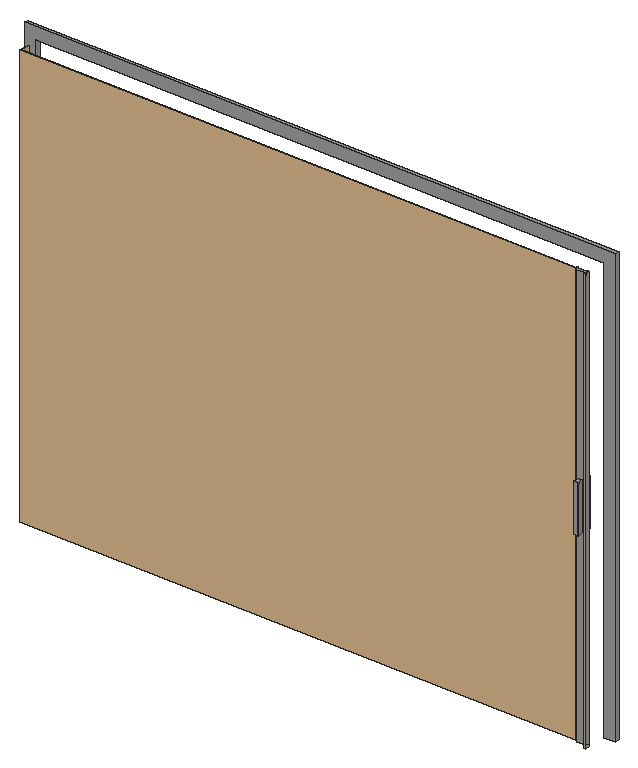
Revit family "Woodfold-Accordion-Door-Family-Series-240", category Doors, host Wall, Revit 2026 (continued)
Definition of nested family "Detail - Panel Section - Recessed Track"
  Lines and regions (in)
    detail lines, in view "Ref. Level", not visible
      curve 67: arc (0.29989, -1.44643, 0) -> (0.35989, -1.38643, 0) -> (0.29989, -1.32643, 0) r 0.06
      curve 68: arc (0.29989, -1.32643, 0) -> (0.23989, -1.38643, 0) -> (0.29989, -1.44643, 0) r 0.06
      curve 69: arc (0, 2.199, 0) -> (-0.03522, 2.28802, 0) -> (0, 2.37703, 0) r 0.13011
      curve 70: line (0.02108, 2.21839, 0) -> (0.02108, 2.35623, 0)
      curve 71: line (0.41983, 2.22816, 0) -> (0.02108, 2.22816, 0)
      curve 72: arc (8.68994, -2.199, 0) -> (8.72516, -2.28802, 0) -> (8.68994, -2.37703, 0) r 0.13011
      curve 73: line (8.66886, -2.21839, 0) -> (8.66886, -2.35623, 0)
      curve 74: line (8.66886, -2.28816, 0) -> (8.35131, -2.28816, 0)
      curve 75: arc (8.38987, -2.22839, 0) -> (8.33183, -2.29205, 0) -> (8.26998, -2.23208, 0) r 0.06
      curve 76: line (8.62994, -2.25816, 0) -> (8.38402, -2.25816, 0)
      curve 77: line (8.38987, -2.22839, 0) -> (8.66886, -2.22816, 0)
      curve 78: line (8.39005, -2.17209, 0) -> (8.39005, -2.22839, 0)
      curve 79: line (8.68994, -2.17209, 0) -> (8.39005, -2.17209, 0)
      curve 80: line (8.68994, -2.40479, 0) -> (8.68994, 2.40479, 0)
      curve 81: arc (8.26994, -1.14495, 0) -> (8.29241, -1.18941, 0) -> (8.26994, -1.23387, 0) r 0.05523
      curve 82: arc (8.26994, -0.39495, 0) -> (8.29241, -0.43941, 0) -> (8.26994, -0.48387, 0) r 0.05523
      curve 83: arc (8.26994, 0.47505, 0) -> (8.29241, 0.43059, 0) -> (8.26994, 0.38613, 0) r 0.05523
      curve 84: arc (8.26994, 1.22505, 0) -> (8.29241, 1.18059, 0) -> (8.26994, 1.13613, 0) r 0.05523
      curve 85: arc (8.26994, 2.11176, 0) -> (8.28459, 2.14712, 0) -> (8.31994, 2.16176, 0) r 0.05
      curve 86: line (8.68994, 2.16176, 0) -> (8.31994, 2.16176, 0)
      curve 87: arc (8.39005, 1.34792, 0) -> (8.33005, 1.40792, 0) -> (8.39005, 1.46792, 0) r 0.06
      curve 88: arc (8.39005, 1.46792, 0) -> (8.45005, 1.40792, 0) -> (8.39005, 1.34792, 0) r 0.06
      curve 89: arc (8.39005, -1.44643, 0) -> (8.33005, -1.38643, 0) -> (8.39005, -1.32643, 0) r 0.06
      curve 90: arc (8.39005, -1.32643, 0) -> (8.45005, -1.38643, 0) -> (8.39005, -1.44643, 0) r 0.06
      curve 91: arc (8.68994, 2.199, 0) -> (8.72516, 2.28802, 0) -> (8.68994, 2.37703, 0) r 0.13011
      curve 92: line (8.66886, 2.21839, 0) -> (8.66886, 2.35623, 0)
      curve 93: line (8.66886, 2.22816, 0) -> (8.26994, 2.22816, 0)
      curve 95: line (9.31494, -2.40479, 0) -> (9.31494, 2.34521, 0)
      curve 97: line (8.26994, -2.23208, 0) -> (8.26994, 2.11176, 0)
      curve 99: line (0.41983, -2.22816, 0) -> (0.41983, 2.11585, 0)
  Dimensions and locks (in)
    "built-in parameter 1001306": plane 3 "Left" to plane 4 "Right"
    locked: plane 5 to plane 4 "Right" at 1.045
    aligned and locked: plane 1 "Center (Front/Back)" to curve 1
    aligned and locked: plane 4 "Right" to curve 1
    aligned and locked: plane 3 "Left" to curve 1
    aligned and locked: curve 94 to plane 4 "Right"
    aligned and locked: Filled region 1 to plane 5
    aligned and locked: curve 24 to curve 25
    aligned and locked: curve 8 to curve 4
    aligned and locked: curve 12 to nested 1
  Automatic sketch dimensions
    plane 1 "Center (Front/Back)" to Filled region 1 sketch curve = 0' - 2.22816"
    Filled region 1 sketch curve to plane 1 "Center (Front/Back)" = 0' - 2.2317"
    plane 3 "Left" to Filled region 1 sketch curve = 3' - 10.955"
    plane 3 "Left" to Filled region 1 sketch curve = 0' - 0.98233"
    curve 38 to curve 39 = 0' - 0"
    curve 40 to curve 39 = 0' - 0"
    curve 38 to curve 37 = 0' - 0"
    curve 49 to curve 40 = 0' - 0"
    curve 37 to curve 37 = 0' - 0.03276"
    curve 49 to curve 41 = 0' - 0"
    curve 37 to curve 31 = 0' - 0.00004"
    curve 41 to curve 41 = 0' - 0.05"
    curve 42 to curve 41 = 0' - 0"
    curve 31 to curve 30 = 0' - 0.02133"
    curve 30 to curve 32 = 0' - 0.0327"
    curve 32 to curve 33 = 0' - 0.00585"
    curve 37 to curve 46 = 0' - 0.12011"
    curve 40 to curve 43 = 0' - 0.12011"
    curve 31 to curve 35 = 0' - 0.00018"
    curve 42 to curve 47 = 0' - 0.27511"
    curve 32 to curve 28 = 0' - 0.21103"
    curve 28 to curve 32 = 0' - 0.03489"
    curve 47 to curve 48 = 0' - 0.07381"
    curve 32 to curve 29 = 0' - 0.03892"
    curve 29 to curve 28 = 0' - 0.02108"
    curve 47 to curve 94 = 0' - 0 5/8"
    curve 36 to curve 94 = 0' - 0"
    curve 36 to curve 28 = 0' - 0.02776"
    curve 28 to curve 29 = 0' - 0.0208"
    curve 29 to curve 30 = 0' - 0.06807"
    curve 30 to curve 28 = 0' - 0.00014"
    curve 30 to curve 32 = 0' - 0.03"
    curve 31 to curve 34 = 0' - 0"
    curve 33 to curve 29 = 0' - 0.00977"
    curve 34 to curve 34 = 0' - 0.0563"
    curve 34 to curve 46 = 0' - 0.72566"
    curve 45 to curve 45 = 0' - 0.06"
    curve 45 to curve 37 = 0' - 0.09256"
    curve 37 to curve 37 = 0' - 0.04446"
    curve 37 to curve 38 = 0' - 0.66108"
    curve 38 to curve 38 = 0' - 0.04446"
    curve 38 to curve 39 = 0' - 0.78108"
    curve 39 to curve 39 = 0' - 0.04446"
    curve 39 to curve 40 = 0' - 0.66108"
    curve 40 to curve 40 = 0' - 0.04446"
    curve 40 to curve 43 = 0' - 0.12287"
    curve 43 to curve 44 = 0' - 0.06"
    curve 43 to curve 41 = 0' - 0.64384"
    curve 41 to curve 42 = 0' - 0"
    curve 42 to curve 47 = 0' - 0.03724"
    curve 47 to curve 48 = 0' - 0.01939"
    curve 42 to curve 49 = 0' - 0 17/256"
    curve 49 to curve 47 = 0' - 0.05986"
    curve 94 to curve 47 = 0' - 0.03183"
    curve 48 to curve 47 = 0' - 0.0208"
    curve 47 to curve 36 = 0' - 0.02776"
    curve 82 to curve 83 = 0' - 0"
    curve 84 to curve 83 = 0' - 0"
    curve 82 to curve 81 = 0' - 0"
    curve 93 to curve 84 = 0' - 0"
    curve 81 to curve 81 = 0' - 0.03276"
    curve 93 to curve 85 = 0' - 0"
    curve 81 to curve 75 = 0' - 0.00004"
    curve 85 to curve 85 = 0' - 0.05"
    curve 86 to curve 85 = 0' - 0"
    curve 75 to curve 74 = 0' - 0.02133"
    curve 74 to curve 76 = 0' - 0.0327"
    curve 76 to curve 77 = 0' - 0.00585"
    curve 81 to curve 90 = 0' - 0.12011"
    curve 84 to curve 87 = 0' - 0.12011"
    curve 75 to curve 79 = 0' - 0.00018"
    curve 86 to curve 91 = 0' - 0.27511"
    curve 76 to curve 72 = 0' - 0.21103"
    curve 72 to curve 76 = 0' - 0.03489"
    curve 91 to curve 92 = 0' - 0.07381"
    curve 76 to curve 73 = 0' - 0.03892"
    curve 73 to curve 72 = 0' - 0.02108"
    curve 91 to curve 95 = 0' - 0 5/8"
    curve 80 to curve 95 = 0' - 0"
    curve 80 to curve 72 = 0' - 0.02776"
    curve 72 to curve 73 = 0' - 0.0208"
    curve 73 to curve 74 = 0' - 0.06807"
    curve 74 to curve 72 = 0' - 0.00014"
    curve 74 to curve 76 = 0' - 0.03"
    curve 75 to curve 78 = 0' - 0"
    curve 77 to curve 73 = 0' - 0.00977"
    curve 78 to curve 78 = 0' - 0.0563"
    curve 78 to curve 90 = 0' - 0.72566"
    curve 89 to curve 89 = 0' - 0.06"
    curve 89 to curve 81 = 0' - 0.09256"
    curve 81 to curve 81 = 0' - 0.04446"
    curve 81 to curve 82 = 0' - 0.66108"
    curve 82 to curve 82 = 0' - 0.04446"
    curve 82 to curve 83 = 0' - 0.78108"
    curve 83 to curve 83 = 0' - 0.04446"
    curve 83 to curve 84 = 0' - 0.66108"
    curve 84 to curve 84 = 0' - 0.04446"
    curve 84 to curve 87 = 0' - 0.12287"
    curve 87 to curve 88 = 0' - 0.06"
    curve 87 to curve 85 = 0' - 0.64384"
    curve 85 to curve 86 = 0' - 0"
    curve 86 to curve 91 = 0' - 0.03724"
    curve 91 to curve 92 = 0' - 0.01939"
    curve 86 to curve 93 = 0' - 0 17/256"
    curve 93 to curve 91 = 0' - 0.05986"
    curve 95 to curve 91 = 0' - 0.03183"
    curve 92 to curve 91 = 0' - 0.0208"
    curve 91 to curve 80 = 0' - 0.02776"
    curve 43 to curve 44 = 0' - 0"  (x2)
    curve 45 to curve 46 = 0' - 0"  (x2)
    curve 96 to curve 31 = 0' - 0"
    curve 96 to curve 41 = 0' - 0"
    curve 87 to curve 88 = 0' - 0"  (x2)
    curve 89 to curve 90 = 0' - 0"  (x2)
    curve 97 to curve 75 = 0' - 0"
    curve 97 to curve 85 = 0' - 0"
    curve 23 to curve 24 = 0' - 0.02108"
    curve 2 to curve 3 = 0' - 0.02108"
    curve 4 to curve 6 = 0' - 0.03892"
    curve 27 to curve 23 = 0' - 0.07381"
    curve 6 to curve 2 = 0' - 0.03489"
    curve 2 to curve 10 = 0' - 0.205"
    curve 18 to curve 19 = 0' - 0.29989"
    curve 10 to curve 22 = 0' - 0"
    curve 10 to curve 5 = 0' - 0.00018"
    curve 5 to curve 6 = 0' - 0.00585"
    curve 6 to curve 4 = 0' - 0.0327"
    curve 4 to curve 5 = 0' - 0.02133"
    curve 23 to curve 18 = 0' - 0.27511"
    curve 17 to curve 18 = 0' - 0"  (x2)
    curve 17 to curve 17 = 0' - 0.04983"
    curve 18 to curve 27 = 0' - 0.04983"
    curve 16 to curve 16 = 0' - 0.03293"
    curve 13 to curve 13 = 0' - 0.03293"
    curve 15 to curve 15 = 0' - 0.03293"
    curve 14 to curve 14 = 0' - 0.03293"
    curve 12 to curve 2 = 0' - 0.02776"
    curve 2 to curve 3 = 0' - 0.0208"
    curve 3 to curve 4 = 0' - 0.06807"
    curve 4 to curve 2 = 0' - 0.00014"
    curve 4 to curve 6 = 0' - 0.03"
    curve 7 to curve 10 = 0' - 0"
    curve 7 to curve 3 = 0' - 0.00977"
    curve 10 to curve 11 = 0' - 0.0563"
    curve 10 to curve 22 = 0' - 0.72566"
    curve 21 to curve 22 = 0' - 0.06"
    curve 21 to curve 13 = 0' - 0.09268"
    curve 13 to curve 13 = 0' - 0.04434"
    curve 13 to curve 14 = 0' - 0.66132"
    curve 14 to curve 14 = 0' - 0.04434"
    curve 14 to curve 15 = 0' - 0.78133"
    curve 15 to curve 15 = 0' - 0.04434"
    curve 15 to curve 16 = 0' - 0.66132"
    curve 16 to curve 16 = 0' - 0.04434"
    curve 16 to curve 19 = 0' - 0.12299"
    curve 19 to curve 20 = 0' - 0.06"
    curve 19 to curve 17 = 0' - 0.64384"
    curve 17 to curve 17 = 0' - 0.00409"
    curve 18 to curve 23 = 0' - 0.03724"
    curve 23 to curve 24 = 0' - 0.01939"
    curve 24 to curve 27 = 0' - 0.00977"
    curve 27 to curve 23 = 0' - 0.05986"
    curve 24 to curve 23 = 0' - 0.0208"
    curve 23 to curve 12 = 0' - 0.02776"
    curve 19 to curve 20 = 0' - 0"  (x2)
    curve 21 to curve 22 = 0' - 0"  (x2)
    curve 69 to curve 70 = 0' - 0.02108"
    curve 50 to curve 51 = 0' - 0.02108"
    curve 52 to curve 54 = 0' - 0.03892"
    curve 71 to curve 69 = 0' - 0.07381"
    curve 54 to curve 50 = 0' - 0.03489"
    curve 50 to curve 56 = 0' - 0.205"
    curve 64 to curve 65 = 0' - 0.29989"
    curve 56 to curve 68 = 0' - 0"
    curve 56 to curve 53 = 0' - 0.00018"
    curve 53 to curve 54 = 0' - 0.00585"
    curve 54 to curve 52 = 0' - 0.0327"
    curve 52 to curve 53 = 0' - 0.02133"
    curve 69 to curve 64 = 0' - 0.27511"
    curve 63 to curve 64 = 0' - 0"  (x2)
    curve 63 to curve 63 = 0' - 0.04983"
    curve 64 to curve 71 = 0' - 0.04983"
    curve 62 to curve 62 = 0' - 0.03293"
    curve 59 to curve 59 = 0' - 0.03293"
    curve 61 to curve 61 = 0' - 0.03293"
    curve 60 to curve 60 = 0' - 0.03293"
    curve 58 to curve 50 = 0' - 0.02776"
    curve 50 to curve 51 = 0' - 0.0208"
    curve 51 to curve 52 = 0' - 0.06807"
    curve 52 to curve 50 = 0' - 0.00014"
    curve 52 to curve 54 = 0' - 0.03"
    curve 55 to curve 56 = 0' - 0"
    curve 55 to curve 51 = 0' - 0.00977"
    curve 56 to curve 57 = 0' - 0.0563"
    curve 56 to curve 68 = 0' - 0.72566"
    curve 67 to curve 68 = 0' - 0.06"
    curve 67 to curve 59 = 0' - 0.09268"
    curve 59 to curve 59 = 0' - 0.04434"
    curve 59 to curve 60 = 0' - 0.66132"
    curve 60 to curve 60 = 0' - 0.04434"
    curve 60 to curve 61 = 0' - 0.78133"
    curve 61 to curve 61 = 0' - 0.04434"
    curve 61 to curve 62 = 0' - 0.66132"
    curve 62 to curve 62 = 0' - 0.04434"
    curve 62 to curve 65 = 0' - 0.12299"
    curve 65 to curve 66 = 0' - 0.06"
    curve 65 to curve 63 = 0' - 0.64384"
    curve 63 to curve 63 = 0' - 0.00409"
    curve 64 to curve 69 = 0' - 0.03724"
    curve 69 to curve 70 = 0' - 0.01939"
    curve 70 to curve 71 = 0' - 0.00977"
    curve 71 to curve 69 = 0' - 0.05986"
    curve 70 to curve 69 = 0' - 0.0208"
    curve 69 to curve 58 = 0' - 0.02776"
    curve 65 to curve 66 = 0' - 0"  (x2)
    curve 67 to curve 68 = 0' - 0"  (x2)
    curve 25 to curve 26 = 0' - 0.04008"
    plane 3 "Left" to curve 8 = 0' - 0.94379"
    curve 8 to curve 9 = 0' - 0.0327"
    curve 9 to plane 5 = 0' - 0.00601"
    curve 8 to plane 5 = 0' - 0.03871"
    curve 26 to plane 5 = 0' - 0.36858"
    curve 26 to curve 25 = 0' - 0.03034"
    curve 8 to curve 9 = 0' - 0.03"
    curve 26 to plane 1 "Center (Front/Back)" = 0' - 2.26161"
    curve 26 to curve 25 = 0' - 0.03"
  Nested families (in)
    nested 1: "Detail Recessed Track" at (-0.75, 0, 0) x (-1, 0, 0) z (0, 0, 1), type "Detail Track", in view "Ref. Level"
  Definition of nested family "Detail Recessed Track"
    Parameters
      Assembly Code = ""
    Reference planes (in)
      plane 1 "Center (Front/Back)": y = 0
      plane 2: z = 0
      plane 3 "Center (Left/Right)": x = 0
    Lines and regions (in)
      detail lines, in view "Ref. Level"
        curve 1: line (-0.9375, 0.5625, 0) -> (-0.125, 0.5625, 0)
        curve 2: line (-0.125, -0.5625, 0) -> (-0.9375, -0.5625, 0)
        curve 3: line (-0.125, 0.5625, 0) -> (-0.125, -0.5625, 0)
        curve 4: line (-1.0625, -0.4375, 0) -> (-1.0625, -0.3125, 0)
        curve 5: line (-1.3125, -0.15789, 0) -> (-1.3125, 0.15789, 0)
        curve 6: line (-1.3125, 0.15789, 0) -> (-0.8125, 0.15789, 0)
        curve 7: line (-1.3125, -0.15789, 0) -> (-0.8125, -0.15789, 0)
        curve 8: line (-1.0625, -0.4375, 0) -> (-0.9375, -0.5625, 0)
        curve 9: line (-1.0625, -0.3125, 0) -> (-0.90789, -0.15789, 0)
        curve 10: line (-1.0625, 0.4375, 0) -> (-1.0625, 0.3125, 0)
        curve 11: line (-1.0625, 0.4375, 0) -> (-0.9375, 0.5625, 0)
        curve 12: line (-1.0625, 0.3125, 0) -> (-0.90789, 0.15789, 0)
        curve 13: line (-0.88572, 0.4375, 0) -> (-0.25, 0.4375, 0)
        curve 14: line (-0.25, 0.4375, 0) -> (-0.25, -0.4375, 0)
        curve 15: line (-0.25, -0.4375, 0) -> (-0.88572, -0.4375, 0)
        curve 16: line (-0.9375, -0.38572, 0) -> (-0.88572, -0.4375, 0)
        curve 17: line (-0.9375, -0.38572, 0) -> (-0.9375, -0.36428, 0)
        curve 18: line (-0.9375, -0.36428, 0) -> (-0.81951, -0.24628, 0)
        curve 19: line (-0.9375, 0.36428, 0) -> (-0.81951, 0.24628, 0)
        curve 20: line (-0.9375, 0.38572, 0) -> (-0.9375, 0.36428, 0)
        curve 21: line (-0.9375, 0.38572, 0) -> (-0.88572, 0.4375, 0)
        curve 22: line (-0.81951, -0.24628, 0) -> (-0.90789, -0.15789, 0)
        curve 23: line (-0.90789, 0.15789, 0) -> (-0.81951, 0.24628, 0)
        curve 24: line (-0.8125, -0.3125, 0) -> (-0.8125, 0.3125, 0)
        curve 25: arc (-0.33779, 0.4375, 0) -> (-0.27529, 0.375, 0) -> (-0.33779, 0.3125, 0) r 0.0625
        curve 26: line (-0.33779, 0.3125, 0) -> (-0.85749, 0.3125, 0)
        curve 27: arc (-0.85749, 0.4375, 0) -> (-0.91999, 0.375, 0) -> (-0.85749, 0.3125, 0) r 0.0625
        curve 28: arc (-0.33779, -0.4375, 0) -> (-0.27529, -0.375, 0) -> (-0.33779, -0.3125, 0) r 0.0625
        curve 29: line (-0.33779, -0.3125, 0) -> (-0.85749, -0.3125, 0)
        curve 30: arc (-0.85749, -0.4375, 0) -> (-0.91999, -0.375, 0) -> (-0.85749, -0.3125, 0) r 0.0625
        curve 31: line (-0.4375, -0.3125, 0) -> (-0.4375, 0.3125, 0)
        curve 32: line (-0.9375, 0.5625, 0) -> (-0.1875, 0.5625, 0)
        curve 33: line (-0.1875, -0.5625, 0) -> (-0.9375, -0.5625, 0)
        curve 34: line (-1.0625, -0.4375, 0) -> (-1.0625, -0.3125, 0)
        curve 35: line (-1.3125, -0.15789, 0) -> (-1.3125, 0.15789, 0)
        curve 36: line (-1.3125, 0.15789, 0) -> (-0.90789, 0.15789, 0)
        curve 37: line (-1.3125, -0.15789, 0) -> (-0.90789, -0.15789, 0)
        curve 38: line (-1.0625, -0.4375, 0) -> (-0.9375, -0.5625, 0)
        curve 39: line (-1.0625, -0.3125, 0) -> (-0.90789, -0.15789, 0)
        curve 40: line (-1.0625, 0.4375, 0) -> (-1.0625, 0.3125, 0)
        curve 41: line (-1.0625, 0.4375, 0) -> (-0.9375, 0.5625, 0)
        curve 42: line (-1.0625, 0.3125, 0) -> (-0.90789, 0.15789, 0)
        curve 43: line (-0.75, 0.65625, 0) -> (-0.75, 1.90625, 0)
        curve 44: line (-0.75, 0.65625, 0) -> (0, 0.65625, 0)
        curve 45: line (0, 0.65625, 0) -> (0, -0.65625, 0)
        curve 46: line (0, -0.65625, 0) -> (-0.75, -0.65625, 0)
        curve 47: line (-0.75, -0.65625, 0) -> (-0.75, -1.90625, 0)
        curve 48: line (-0.875, 0.5625, 0) -> (-0.875, 1.90625, 0)
        curve 49: line (-0.875, -0.5625, 0) -> (-0.875, -1.90625, 0)
        curve 50: line (-0.875, 1.90625, 0) -> (-0.75, 1.90625, 0)
        curve 51: line (-0.875, -1.90625, 0) -> (-0.75, -1.90625, 0)
    Nested families (in)
      nested 1: "Metal Screw" at (0.37615, 0, 0) x (0, 1, 0) z (0, 0, 1), type "1"", in view "Ref. Level"
    Definition of nested family "Metal Screw"
      Parameters
        Length = 0' - 1 1/2"
        Assembly Code = ""
      Reference planes (in)
        plane 1 "Center (Front/Back)": y = 0.62615
        plane 2: z = 0
        plane 3 "Center (Left/Right)": x = 0
        plane 4: y = -0.87385
      Lines and regions (in)
        Filled region 1, type "Steel", in view "Ref. Level"
          outline origin (0, 0, 0) x (1, 0, 0) y (0, 1, 0)
            loop
              line (-0.18472, 0.62615) -> (-0.0625, 0.62615) -> (-0.0625, -0.87385) -> (0, -0.93635) -> (0.0625, -0.87385) -> (0.0625, 0.62615) -> (0.18472, 0.62615)
              arc (0.18472, 0.62615) -> (0, 0.75115) -> (-0.18472, 0.62615) r 0.19899
        detail lines, in view "Ref. Level"
          curve 1: line (0.18472, 0.62615, 0) -> (0.05972, 0.62615, 0)
          curve 2: line (0.0625, 0.62615, 0) -> (0.0625, -0.87385, 0)
          curve 3: line (0.0625, -0.87385, 0) -> (0, -0.93635, 0)
          curve 4: line (-0.0625, 0.62615, 0) -> (-0.0625, -0.87385, 0)
          curve 5: line (-0.0625, -0.87385, 0) -> (0, -0.93635, 0)
          curve 7: line (-0.18472, 0.62615, 0) -> (-0.05972, 0.62615, 0)
          curve 8: arc (-0.18472, 0.62615, 0) -> (0, 0.75115, 0) -> (0.18472, 0.62615, 0) r 0.19899
        detail lines, in view "Ref. Level", not visible
          curve 6: line (0.18472, 0.8125, 0) -> (0.05972, 0.8125, 0)
          curve 9: line (-0.18472, 0.8125, 0) -> (-0.05972, 0.8125, 0)
          curve 10: arc (-0.18472, 0.8125, 0) -> (0, 0.9375, 0) -> (0.18472, 0.8125, 0) r 0.19899
          curve 11: line (0.0625, -1.18635, 0) -> (0, -1.24885, 0)
          curve 12: line (-0.0625, -1.18635, 0) -> (0, -1.24885, 0)
      Dimensions and locks (in)
        "Length": plane 1 "Center (Front/Back)" to plane 4
        aligned and locked: plane 1 "Center (Front/Back)" to curve 7
        aligned and locked: plane 4 to curve 2
        aligned and locked: plane 4 to curve 4
        aligned and locked: plane 4 to curve 3
        aligned and locked: Filled region 1 sketch curve to curve 7
        aligned and locked: Filled region 1 sketch curve to curve 4
        aligned and locked: Filled region 1 sketch curve to curve 5
        aligned and locked: Filled region 1 sketch curve to curve 3
        aligned and locked: Filled region 1 sketch curve to curve 2
        aligned and locked: Filled region 1 sketch curve to curve 1
      Automatic sketch dimensions
        curve 4 to plane 1 "Center (Front/Back)" = 0' - 0"
        curve 2 to plane 1 "Center (Front/Back)" = 0' - 0"
        curve 4 to plane 3 "Center (Left/Right)" = 0' - 0 1/16"
        plane 3 "Center (Left/Right)" to curve 2 = 0' - 0 1/16"
        curve 7 to curve 7 = 0' - 0 1/8"
        curve 7 to curve 8 = 0' - 0.05972"
        curve 8 to curve 1 = 0' - 0.05972"
        curve 1 to curve 8 = 0' - 0 1/8"
        curve 8 to curve 7 = 0' - 0.07399"
        curve 9 to curve 9 = 0' - 0 1/8"
        curve 9 to curve 10 = 0' - 0.05972"
        curve 10 to curve 6 = 0' - 0.05972"
        curve 6 to curve 10 = 0' - 0 1/8"
        curve 10 to curve 9 = 0' - 0.07399"
        Filled region 1 sketch curve to plane 3 "Center (Left/Right)" = 0' - 0"
        Filled region 1 sketch curve to Filled region 1 sketch curve = 0' - 0.12222"
        plane 1 "Center (Front/Back)" to Filled region 1 sketch curve = 0' - 0.07399"
Definition of nested family "Detail - Recessed Jamb"
  Parameters
    Assembly Code = ""
  Reference planes (in)
    plane 1 "Center (Front/Back)": y = 0.13103
    plane 2: z = 0
    plane 3 "Center (Left/Right)": x = 0
    plane 4: y = -4.61897
    plane 5: y = 4.88103
  Lines and regions (in)
    Filled region 1, type "Wood - Finish", in view "Ref. Level"
      outline origin (0.6102, 0, 0) x (1, 0, 0) y (0, 1, 0)
        loop
          line (-3.12071, 4.75603) -> (-3.87071, 4.75603) -> (-3.87071, -4.49397) -> (-3.12071, -4.49397) -> (-3.12071, 4.75603)
    Filled region 2, type "Solid Fill - White", in view "Ref. Level"
      outline origin (0, 0, 0) x (1, 0, 0) y (0, 1, 0)
        loop
          line (-10.90875, 4.88103) -> (-10.90875, -4.61897) -> (0, -4.61897) -> (0, 4.88103) -> (-10.90875, 4.88103)
    detail lines, in view "Ref. Level"
      curve 1: line (0, -4.61897, 0) -> (-10.90875, -4.61897, 0)
      curve 2: line (-10.90875, -4.61897, 0) -> (-10.90875, 4.88103, 0)
      curve 3: line (-0.625, 4.88103, 0) -> (-0.625, 4.25603, 0)
      curve 4: line (0, -3.99397, 0) -> (-0.625, -3.99397, 0)
      curve 5: line (0, -5.73044, 0) -> (0, -3.99397, 0)
      curve 6: line (-3.26052, -4.49397, 0) -> (-3.26052, 4.75603, 0)
      curve 7: line (-2.51052, 4.75603, 0) -> (-2.51052, -4.49397, 0)
      curve 8: line (-1.81479, -0.29636, 0) -> (-0.83025, -0.29636, 0)
      curve 9: line (-1.57666, -0.23436, 0) -> (-2.13037, -0.23436, 0)
      curve 10: circle (0, 0.13103, 0) r 0.1875 normal (0, 0, 1)
      curve 11: circle (0, 0.13103, 0) r 0.0675 normal (0, 0, 1)
      curve 12: line (-2.13745, -0.23143, 0) -> (-2.18959, -0.17929, 0)
      curve 13: line (-2.19666, -0.17636, 0) -> (-2.26037, -0.17636, 0)
      curve 14: line (-2.26745, -0.17929, 0) -> (-2.31959, -0.23143, 0)
      curve 15: line (-2.32666, -0.23436, 0) -> (-2.37552, -0.23436, 0)
      curve 16: line (-2.38552, -0.22436, 0) -> (-2.38552, 0.07864, 0)
      curve 17: line (-2.38552, 0.07864, 0) -> (-2.38552, 0.38164, 0)
      curve 18: line (-2.37552, 0.39164, 0) -> (-2.32666, 0.39164, 0)
      curve 19: line (-2.31959, 0.38871, 0) -> (-2.26745, 0.33657, 0)
      curve 20: line (-2.26037, 0.33364, 0) -> (-2.19666, 0.33364, 0)
      curve 21: line (-2.18959, 0.33657, 0) -> (-2.13745, 0.38871, 0)
      curve 22: line (-2.13037, 0.39164, 0) -> (-1.57666, 0.39164, 0)
      curve 23: line (-1.56959, 0.38871, 0) -> (-1.51745, 0.33657, 0)
      curve 24: line (-1.51037, 0.33364, 0) -> (-1.07266, 0.33364, 0)
      curve 25: line (-1.06559, 0.33657, 0) -> (-1.01345, 0.38871, 0)
      curve 26: line (-1.00637, 0.39164, 0) -> (-0.57666, 0.39164, 0)
      curve 27: line (-0.56959, 0.38871, 0) -> (-0.51745, 0.33657, 0)
      curve 28: line (-0.51037, 0.33364, 0) -> (-0.38466, 0.33364, 0)
      curve 29: line (-0.37759, 0.33657, 0) -> (-0.32545, 0.38871, 0)
      curve 30: line (-0.31837, 0.39164, 0) -> (-0.07252, 0.39164, 0)
      curve 31: arc (-0.07252, 0.39164, 0) -> (0.02313, 0.36549, 0) -> (0.09217, 0.29431, 0) r 0.188
      curve 32: arc (0.09209, 0.29436, 0) -> (0.08912, 0.2576, 0) -> (0.0531, 0.24969, 0) r 0.031
      curve 33: arc (0.0531, 0.24969, 0) -> (-0.09774, 0.21674, 0) -> (-0.11071, 0.06289, 0) r 0.13
      curve 34: arc (-0.11071, 0.06289, 0) -> (-0.11005, 0.03152, 0) -> (-0.13711, 0.01564, 0) r 0.031
      curve 35: line (-0.13711, 0.01564, 0) -> (-0.25311, 0.01564, 0)
      curve 36: line (-0.26063, 0.01223, 0) -> (-0.47364, -0.23095, 0)
      curve 37: line (-0.48116, -0.23436, 0) -> (-1.00637, -0.23436, 0)
      curve 38: line (-1.01345, -0.23143, 0) -> (-1.06559, -0.17929, 0)
      curve 39: line (-1.07266, -0.17636, 0) -> (-1.51037, -0.17636, 0)
      curve 40: line (-1.51745, -0.17929, 0) -> (-1.56959, -0.23143, 0)
      curve 41: arc (-1.88256, -0.30386, 0) -> (-1.85352, -0.32636, 0) -> (-1.82447, -0.30386, 0) r 0.03
      curve 42: line (-2.44852, -0.29636, 0) -> (-1.89225, -0.29636, 0)
      curve 43: arc (-2.51052, -0.23436, 0) -> (-2.49236, -0.2782, 0) -> (-2.44852, -0.29636, 0) r 0.062
      curve 44: line (-2.51052, 0.39164, 0) -> (-2.51052, -0.23436, 0)
      curve 45: arc (-2.44852, 0.45364, 0) -> (-2.49236, 0.43548, 0) -> (-2.51052, 0.39164, 0) r 0.062
      curve 46: line (-1.89225, 0.45364, 0) -> (-2.44852, 0.45364, 0)
      curve 47: arc (-1.82447, 0.46114, 0) -> (-1.85352, 0.48364, 0) -> (-1.88256, 0.46114, 0) r 0.03
      curve 48: line (-0.83025, 0.45364, 0) -> (-1.81479, 0.45364, 0)
      curve 49: arc (-0.76247, 0.46114, 0) -> (-0.79152, 0.48364, 0) -> (-0.82056, 0.46114, 0) r 0.03
      curve 50: line (-0.07252, 0.45364, 0) -> (-0.75279, 0.45364, 0)
      curve 51: arc (0.17748, 0.20364, 0) -> (0.10426, 0.38042, 0) -> (-0.07252, 0.45364, 0) r 0.25
      curve 52: line (0.17748, 0.16732, 0) -> (0.17748, 0.20364, 0)
      curve 53: arc (0.15932, 0.12348, 0) -> (0.17276, 0.14359, 0) -> (0.17748, 0.16732, 0) r 0.062
      curve 54: arc (0.0799, 0.10416, 0) -> (0.10996, 0.09171, 0) -> (0.14001, 0.10416, 0) r 0.0425
      curve 55: arc (0.04773, 0.17876, 0) -> (0.06198, 0.15776, 0) -> (0.06747, 0.13299, 0) r 0.0675
      curve 56: arc (-0.04773, 0.0833, 0) -> (-0.04773, 0.17876, 0) -> (0.04773, 0.17876, 0) r 0.0675
      curve 57: arc (-0.00195, 0.06356, 0) -> (-0.02673, 0.06905, 0) -> (-0.04773, 0.0833, 0) r 0.0675
      curve 58: arc (0.03081, 0.04658, 0) -> (0.01637, 0.05881, 0) -> (-0.00195, 0.06356, 0) r 0.0425
      curve 59: arc (0.02687, -0.00898, 0) -> (0.03921, 0.01807, 0) -> (0.03081, 0.04658, 0) r 0.0425
      curve 60: arc (-0.0362, -0.04636, 0) -> (-0.01247, -0.04164, 0) -> (0.00764, -0.0282, 0) r 0.062
      curve 61: line (-0.22499, -0.04636, 0) -> (-0.0362, -0.04636, 0)
      curve 62: line (-0.42999, -0.27521, 0) -> (-0.23252, -0.04977, 0)
      curve 63: arc (-0.47663, -0.29636, 0) -> (-0.45103, -0.29083, 0) -> (-0.42999, -0.27521, 0) r 0.062
      curve 64: line (-0.75279, -0.29636, 0) -> (-0.47663, -0.29636, 0)
      curve 65: arc (-0.82056, -0.30386, 0) -> (-0.79152, -0.32636, 0) -> (-0.76247, -0.30386, 0) r 0.03
      curve 69: line (0, 4.88103, 0) -> (-10.90875, 4.88103, 0)
      curve 70: line (0, 4.25603, 0) -> (-0.625, 4.25603, 0)
      curve 71: line (0, 5.9925, 0) -> (0, 4.25603, 0)
      curve 72: line (-0.625, -4.61897, 0) -> (-0.625, -3.99397, 0)
    detail lines, in view "Ref. Level", not visible
      curve 66: line (1.2352, -4.67739, 0) -> (-9.67355, -4.67739, 0)
      curve 67: line (1.2352, -4.05239, 0) -> (0.6102, -4.05239, 0)
      curve 68: line (1.2352, -5.78886, 0) -> (1.2352, -4.05239, 0)
      curve 73: line (0.6102, -4.67739, 0) -> (0.6102, -4.05239, 0)
  Dimensions and locks (in)
    equal spacing: plane 5, plane 1 "Center (Front/Back)", plane 4
    plane 5 to plane 4 = 0' - 9 1/2"
    aligned and locked: curve 69 to plane 5
    aligned and locked: plane 4 to curve 1
    aligned and locked: curve 2 to Filled region 2 sketch curve
    aligned and locked: Filled region 2 sketch curve to curve 69
    aligned and locked: plane 4 to Filled region 2 sketch curve
    aligned and locked: Filled region 2 sketch curve to plane 3 "Center (Left/Right)"
    aligned: curve 2 to curve 1
  Automatic sketch dimensions
    curve 4 to curve 5 = 0' - 0 5/8"
    curve 5 to curve 1 = 0' - 1.11147"
    curve 70 to curve 71 = 0' - 0 5/8"
    curve 69 to curve 71 = 0' - 1.11147"
    curve 67 to curve 68 = 0' - 0 5/8"
    curve 68 to curve 66 = 0' - 1.11147"
    plane 5 to Filled region 1 sketch curve = 0' - 0 1/8"
    Filled region 1 sketch curve to Filled region 1 sketch curve = 0' - 0 3/4"
    Filled region 1 sketch curve to plane 3 "Center (Left/Right)" = 0' - 3.26052"
    plane 4 to Filled region 1 sketch curve = 0' - 0 1/8"
    curve 1 to curve 4 = 0' - 10.28375"
    curve 69 to curve 70 = 0' - 10.28375"
    curve 66 to curve 67 = 0' - 10.28375"
    curve 3 to curve 3 = 0' - 0 5/8"
    curve 72 to curve 72 = 0' - 0 5/8"
    curve 73 to curve 73 = 0' - 0 5/8"
    curve 10 to curve 11 = 0' - 0"  (x2)
    curve 10 to curve 33 = 0' - 0"  (x2)
    curve 10 to curve 55 = 0' - 0"  (x2)
    curve 10 to curve 56 = 0' - 0"  (x2)
    curve 10 to curve 57 = 0' - 0"  (x2)
    curve 31 to curve 51 = 0' - 0"  (x2)
    curve 58 to curve 59 = 0' - 0"  (x2)
    curve 2 to plane 5 = 0' - 0"
    curve 2 to plane 4 = 0' - 0"
    curve 55 to plane 1 "Center (Front/Back)" = 0' - 0"
    curve 55 to plane 3 "Center (Left/Right)" = 0' - 0"
    curve 58 to plane 3 "Center (Left/Right)" = 0' - 0.00195"
    curve 57 to curve 58 = 0' - 0"
    curve 59 to plane 3 "Center (Left/Right)" = 0' - 0.00318"
    curve 61 to plane 3 "Center (Left/Right)" = 0' - 0.0362"
    curve 56 to plane 3 "Center (Left/Right)" = 0' - 0.04773"
    curve 51 to plane 3 "Center (Left/Right)" = 0' - 0.07252"
    curve 34 to curve 57 = 0' - 0.06298"
    curve 33 to curve 34 = 0' - 0"
    curve 35 to curve 34 = 0' - 0.0264"
    curve 61 to curve 34 = 0' - 0.08789"
    curve 62 to curve 61 = 0' - 0.00752"
    curve 35 to curve 61 = 0' - 0.02811"
    plane 1 "Center (Front/Back)" to curve 36 = 0' - 0.1188"
    curve 36 to curve 35 = 0' - 0.00752"
    curve 30 to curve 30 = 0' - 0.24586"
    curve 29 to curve 30 = 0' - 0.00707"
    curve 29 to curve 29 = 0' - 0.05214"
    curve 28 to curve 29 = 0' - 0.00707"
    curve 62 to curve 62 = 0' - 0.19747"
    curve 36 to curve 62 = 0' - 0.04365"
    curve 64 to curve 62 = 0' - 0.04664"
    curve 37 to curve 63 = 0' - 0.00453"
    curve 28 to curve 28 = 0' - 0.12572"
    curve 27 to plane 1 "Center (Front/Back)" = 0' - 0.20554"
    curve 27 to curve 28 = 0' - 0.00707"
    curve 27 to plane 1 "Center (Front/Back)" = 0' - 0.25768"
    curve 27 to curve 27 = 0' - 0.05214"
    curve 26 to curve 27 = 0' - 0.00707"
    curve 64 to curve 63 = 0' - 0.27616"
    curve 50 to curve 26 = 0' - 0.17613"
    curve 49 to curve 50 = 0' - 0.00968"
    curve 65 to curve 64 = 0' - 0.00968"
    curve 49 to curve 49 = 0' - 0.02905"  (x2)
    curve 65 to curve 65 = 0' - 0.02905"  (x2)
    curve 8 to curve 65 = 0' - 0.00968"
    curve 48 to curve 49 = 0' - 0.00968"
    curve 26 to curve 48 = 0' - 0.17613"
    curve 37 to curve 8 = 0' - 0.17613"
    curve 25 to plane 1 "Center (Front/Back)" = 0' - 0.25768"
    curve 25 to curve 26 = 0' - 0.00707"
    plane 1 "Center (Front/Back)" to curve 38 = 0' - 0.36246"
    curve 38 to curve 37 = 0' - 0.00707"
    plane 1 "Center (Front/Back)" to curve 38 = 0' - 0.31032"
    curve 38 to curve 38 = 0' - 0.05214"
    curve 25 to plane 1 "Center (Front/Back)" = 0' - 0.20554"
    curve 25 to curve 25 = 0' - 0.05214"
    curve 39 to curve 38 = 0' - 0.00707"
    curve 24 to curve 25 = 0' - 0.00707"
    curve 39 to curve 39 = 0' - 0.43772"
    curve 24 to plane 1 "Center (Front/Back)" = 0' - 0.20261"
    curve 24 to curve 24 = 0' - 0.43772"
    curve 23 to plane 1 "Center (Front/Back)" = 0' - 0.20554"
    curve 23 to curve 24 = 0' - 0.00707"
    plane 1 "Center (Front/Back)" to curve 40 = 0' - 0.31032"
    curve 40 to curve 39 = 0' - 0.00707"
    plane 1 "Center (Front/Back)" to curve 40 = 0' - 0.36246"
    curve 40 to curve 40 = 0' - 0.05214"
    curve 23 to plane 1 "Center (Front/Back)" = 0' - 0.25768"
    curve 23 to curve 23 = 0' - 0.05214"
    curve 9 to curve 40 = 0' - 0.00707"
    curve 22 to curve 23 = 0' - 0.00707"
    curve 48 to curve 22 = 0' - 0.23813"
    curve 8 to curve 9 = 0' - 0.23813"
    curve 47 to curve 48 = 0' - 0.00968"
    curve 41 to curve 8 = 0' - 0.00968"
    curve 47 to curve 47 = 0' - 0.02905"  (x2)
    curve 41 to curve 41 = 0' - 0.02905"  (x2)
    curve 42 to curve 41 = 0' - 0.00968"
    curve 46 to curve 47 = 0' - 0.00968"
    curve 9 to curve 42 = 0' - 0.23813"
    curve 22 to curve 46 = 0' - 0.23813"
    curve 21 to plane 1 "Center (Front/Back)" = 0' - 0.25768"
    curve 21 to curve 22 = 0' - 0.00707"
    plane 1 "Center (Front/Back)" to curve 12 = 0' - 0.36246"
    curve 12 to curve 9 = 0' - 0.00707"
    curve 21 to plane 1 "Center (Front/Back)" = 0' - 0.20554"
    curve 21 to curve 21 = 0' - 0.05214"
    plane 1 "Center (Front/Back)" to curve 12 = 0' - 0.31032"
    curve 12 to curve 12 = 0' - 0.05214"
    curve 13 to curve 12 = 0' - 0.00707"
    curve 20 to curve 21 = 0' - 0.00707"
    curve 20 to curve 20 = 0' - 0.06372"
    curve 13 to curve 13 = 0' - 0.06372"
    curve 19 to plane 1 "Center (Front/Back)" = 0' - 0.20554"
    curve 19 to curve 20 = 0' - 0.00707"
    plane 1 "Center (Front/Back)" to curve 14 = 0' - 0.31032"
    curve 14 to curve 13 = 0' - 0.00707"
    plane 1 "Center (Front/Back)" to curve 14 = 0' - 0.36246"
    curve 14 to curve 14 = 0' - 0.05214"
    curve 19 to plane 1 "Center (Front/Back)" = 0' - 0.25768"
    curve 19 to curve 19 = 0' - 0.05214"
    curve 15 to curve 14 = 0' - 0.00707"
    curve 18 to curve 19 = 0' - 0.00707"
    curve 15 to curve 15 = 0' - 0.04886"
    curve 18 to curve 18 = 0' - 0.04886"
    curve 16 to curve 15 = 0' - 0.01"
    curve 46 to curve 17 = 0' - 0.063"
    curve 43 to curve 16 = 0' - 0.063"
    curve 44 to curve 45 = 0' - 0.062"
    curve 43 to curve 44 = 0' - 0"
    plane 4 to curve 6 = 0' - 0 1/8"
    curve 6 to curve 7 = 0' - 0 3/4"
    curve 2 to curve 6 = 0' - 7.64823"
    plane 3 "Center (Left/Right)" to curve 60 = 0' - 0.00764"
    plane 3 "Center (Left/Right)" to curve 59 = 0' - 0.02687"
    plane 3 "Center (Left/Right)" to curve 59 = 0' - 0.03081"
    plane 3 "Center (Left/Right)" to curve 55 = 0' - 0.04773"
    plane 3 "Center (Left/Right)" to curve 32 = 0' - 0.0531"
    curve 33 to curve 32 = 0' - 0"
    curve 32 to curve 32 = 0' - 0.01266"
    curve 55 to plane 1 "Center (Front/Back)" = 0' - 0.00195"
    curve 56 to curve 55 = 0' - 0.01974"
    curve 55 to curve 54 = 0' - 0.01243"
    curve 32 to curve 32 = 0' - 0.02632"
    curve 32 to curve 31 = 0' - 0.00009"
    curve 54 to plane 1 "Center (Front/Back)" = 0' - 0.00318"
    curve 54 to curve 54 = 0' - 0.03005"  (x2)
    curve 54 to curve 53 = 0' - 0.00553"
    plane 1 "Center (Front/Back)" to curve 53 = 0' - 0.00755"
    curve 54 to curve 53 = 0' - 0.01932"
    curve 53 to curve 52 = 0' - 0.062"
    plane 4 to curve 7 = 0' - 0 1/8"
    curve 41 to curve 12 = 0' - 0.07243"
    curve 65 to curve 38 = 0' - 0.07243"
    curve 65 to curve 8 = 0' - 0.0075"
    curve 41 to curve 41 = 0' - 0.0075"
    curve 65 to curve 65 = 0' - 0.0075"
    curve 65 to curve 64 = 0' - 0.0075"
    curve 42 to curve 14 = 0' - 0.06493"
    curve 64 to curve 63 = 0' - 0.02115"
    curve 15 to curve 14 = 0' - 0.00293"
    curve 44 to curve 43 = 0' - 0"
    curve 37 to curve 38 = 0' - 0.00293"
    curve 9 to curve 12 = 0' - 0.00293"
    curve 63 to curve 36 = 0' - 0.00341"
    curve 15 to curve 16 = 0' - 0.01"
    curve 14 to curve 13 = 0' - 0.00293"
    curve 40 to curve 39 = 0' - 0.00293"
    curve 62 to curve 36 = 0' - 0.062"
    curve 60 to curve 57 = 0' - 0.10992"
    curve 60 to curve 60 = 0' - 0.01816"
    curve 60 to curve 59 = 0' - 0.01923"
    curve 36 to curve 35 = 0' - 0.00341"
    curve 60 to curve 59 = 0' - 0.00544"
    plane 1 "Center (Front/Back)" to curve 17 = 0' - 0.05239"
    plane 1 "Center (Front/Back)" to curve 54 = 0' - 0.02687"
    curve 52 to curve 51 = 0' - 0.03632"
    curve 28 to curve 30 = 0' - 0.058"
    curve 20 to curve 21 = 0' - 0.00293"
    curve 28 to curve 29 = 0' - 0.00293"
    curve 17 to curve 19 = 0' - 0.00707"
    curve 29 to curve 30 = 0' - 0.00293"
    curve 17 to curve 45 = 0' - 0.01"
    curve 17 to curve 18 = 0' - 0.01"
    curve 21 to curve 22 = 0' - 0.00293"
    curve 27 to curve 26 = 0' - 0.00293"
    curve 44 to curve 45 = 0' - 0"
    curve 49 to curve 50 = 0' - 0"
    curve 48 to curve 46 = 0' - 0"
    curve 47 to curve 48 = 0' - 0"
    curve 50 to curve 49 = 0' - 0.0075"
    curve 48 to curve 47 = 0' - 0.0075"
    plane 5 to curve 7 = 0' - 0 1/8"
    plane 5 to curve 6 = 0' - 0 1/8"
Types (5): name | Track Material | Surface Track | Surface Jamb | Stack Dimension | Sliding Jamb | Recessed Track | Panel Material | Lead Post | Hardware Type | Frame Visibility | Height | Width
  8'-0" x 8'-0" Recessed Track | Metal - Aluminum | no | yes | 0' - 10.2452" | no | yes | Woodfold - Cherry | Metal - Aluminum | "Keylock two sides" | yes | 8' - 0" | 6' - 0"
  8'-0" x 8'-0" Surface Mounted w/Deadlatch | Metal - Aluminum | yes | yes | 0' - 10.2452" | no | no | Woodfold - Cherry | Metal - Aluminum | "Deadlatch with Thumbturn Two-side" | yes | 8' - 0" | 6' - 0"
  8'-0" x 8'-0" Surface Mounted w/Magnetic Catch | Metal - Aluminum | yes | yes | 0' - 10.2452" | no | no | Woodfold - Cherry | Metal - Aluminum | "Magnetic Catch & Strick Plate" | yes | 8' - 0" | 6' - 0"
  6'-0" x 8'-0" Surface Track | Metal - Aluminum | yes | yes | 0' - 10.2452" | no | no | Woodfold - Dark Oak | Metal - Aluminum | "Deadlatch with Thumbturn Two-side" | yes | 8' - 0" | 6' - 0"
  12'-0" x 9'-0" RecessedTrack, Sliding Jamb | Woodfold - Aluminum - Bronze | no | no | 1' - 5.7404" | yes | yes | Woodfold - Birch | Woodfold - Aluminum - Bronze | "Deadlatch with Thumbturn Two-side" | no | 9' - 0" | 12' - 0"
